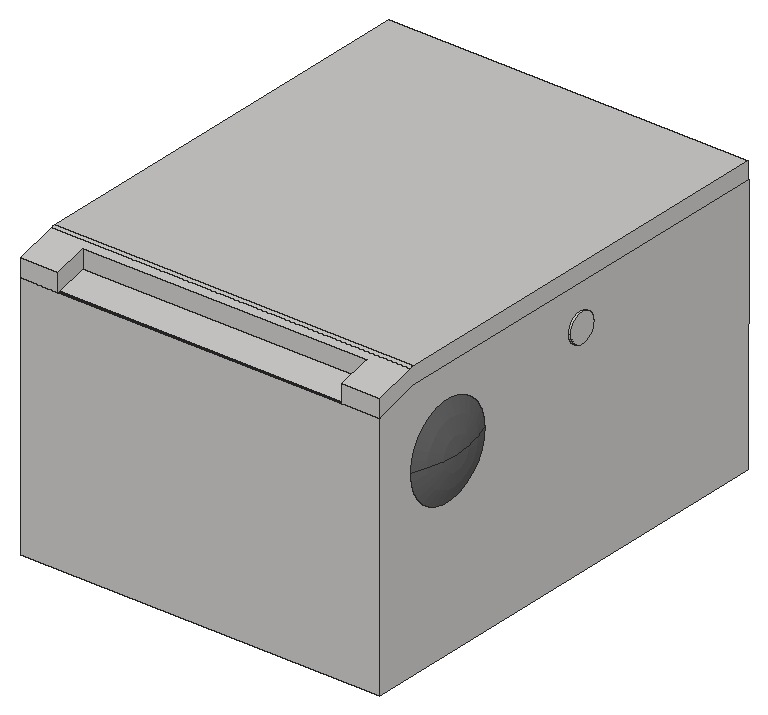
Revit family
Parameters (values of type "B-2860")
  offset [instance] = 0' - 0"
  Warranty Duration (Years) = 0
  Unit Width = 0' - 11 11/16"
  Unit Height = 1' - 3"
  Unit Depth = 0' - 9"
  URL = "http://www.bobrick.com/Pages/default.aspx"
  Specification = ""
  SpecWizard = ""
  Send Message = "http://www.arcat.com/users.pl?action=UserEmail&company=Bobrick+Washroom+Equipment,+Inc.&coid=30988&rep=156&fax=818-503-1930&mf="
  Sales Information = "http://www.bobrick.com/Pages/ContactUs.aspx"
  Revision = "R1_10-2012"
  Product Properties = ""
  Product Data = "http://arcat.com/arcatcos/cos30/arc30988.html?isac=1&r=1"
  Mounting Height [instance] = 3' - 4 21/64"
  Model = "B-2860"
  Manufacturer Website = "http://www.bobrick.com/Pages/default.aspx"
  Manufacturer Phone - Toll Free = ""
  Manufacturer Phone = "818-764-1000"
  Manufacturer Fax = "818-503-1930"
  Manufacturer Address = "11611 Hart St. North Hollywood, CA 91605-5882"
  Manufacturer = "Bobrick Washroom Equipment, Inc."
  Maintenance Schedule (Months) = 0
  Keynote = "102813"
  Installation-Fabrication = "http://www.bobrick.com/washroomaccessories/Pages/WashroomAccessories.aspx"
  Installation Phase = ""
  Green Building-LEED = ""
  Finish Material = Stainless Steel - Bobrick - Satin
  Expected Lifespan (Years) = 0
  Drawn By = "Sumex Design, Inc. / Robert S. Weygant, CSI, CDT, SCIP"
  Description = "Bobrick B-2860 Surface Mounted Roll Paper Towel Dispenser"
  Default Elevation = 4' - 0"
  Copyright = "©Arcat Inc."
  Construction Details = ""
  Capacity = "8\" W 8\" D Paper Towel Roll"
  Assembly Code = "E1090900"
Reference planes (in)
  plane 1 "Center (Front/Back)": y = -0.00047
  plane 2 "Bottom": z = 0
  plane 3 "Center (Left/Right)": x = 0
  plane 4 "Front": y = -7.50047
  plane 5 "Back": y = 7.49953
  plane 6 "Left": x = -5.84375
  plane 7 "Right": x = 5.84375
  plane 8 "Top": z = 9
  plane 9 "FF": y = -32.82859
Forms (in)
  Extrusion 1, solid, material "Stainless Steel - Bobrick - Satin" <- "Finish Material"
    sketch origin (0, 0, 0) x (0, 1, 0) y (0, 0, 1)
      loop
        line (7.43703, 0.0625) -> (-7.43797, 0.0625) -> (-7.43797, 8.07925) -> (-7.50047, 8.0625) -> (-7.50047, 0) -> (7.49953, 0) -> (7.49953, 8.4375) -> (7.43703, 8.4375) -> (7.43703, 0.0625)
    from -5.84375 to 5.84375
  Extrusion 2, solid, material "Stainless Steel - Bobrick - Satin" <- "Finish Material"
    sketch origin (0, 0, 0) x (0, 1, 0) y (0, 0, -1)
      loop
        line (7.43703, -8.4375) -> (7.43703, -0.0625) -> (-7.43797, -0.0625) -> (-7.43797, -8.07925) -> (-6.10095, -8.4375) -> (7.43703, -8.4375)
    from -5.84375 to 5.84375
  Extrusion 3, solid, material "Stainless Steel - Bobrick - Satin" <- "Finish Material"
    sketch origin (0, 0, 0) x (0, 1, 0) y (0, 0, 1)
      loop
        arc (-6.10918, 9) -> (-6.17444, 8.99572) -> (-6.23859, 8.98296) r 0.5
        line (-6.23859, 8.98296) -> (-7.50047, 8.64484) -> (-7.50047, 8.0625) -> (-6.10095, 8.4375) -> (7.49953, 8.4375) -> (7.49953, 9) -> (-6.10918, 9)
    from -5.84375 to 5.84375
  Extrusion 4, void
    sketch origin (0, 0, 0) x (1, 0, 0) y (0, 1, 0)
      loop
        line (-4.625, -6.50047) -> (-4.625, -7.50047) -> (4.625, -7.50047) -> (4.625, -6.50047) -> (-4.625, -6.50047)
    from 8.0625 to 12
  Revolve 5, solid, material "Paint - Bobrick - Black"
    sketch origin (0, 0, 5.9375) x (1, 0, 0) y (0, 1, 0)
      loop
        arc (6.1875, -4.75047) -> (6.09706, -3.9708) -> (5.84375, -3.2279) r 3.68968
        line (5.84375, -3.2279) -> (5.84375, -4.75047) -> (6.1875, -4.75047)
      axis (5.84375, -4.75047) -> (6.1875, -4.75047)
    angle from 0 to 360
  Extrusion 6, solid, material "Stainless Steel - Bobrick - Satin" <- "Finish Material"
    sketch origin (0, 0, 0) x (0, 1, 0) y (0, 0, 1)
      loop
        circle (0.62453, 7.1875) r 0.46518
    from 5.84375 to 5.9362
Cuts and joins
  Extrusion 4 cuts Extrusion 1
  joined: Extrusion 1, Extrusion 2
  Extrusion 4 cuts Extrusion 3
Lines and regions (in)
  symbolic lines, style "SpecialityEquipmentHiddenLines"
    curve 1: line (5.84375, 7.49953, 0) -> (-5.84375, -0.00047, 0)
    curve 2: line (-5.84375, -0.00047, 0) -> (5.84375, -7.50047, 0)
Dimensions and locks (in)
  equal spacing: plane 6 "Left", plane 3 "Center (Left/Right)", plane 7 "Right"
  "Unit Width": plane 6 "Left" to plane 7 "Right"
  equal spacing: plane 5 "Back", plane 1 "Center (Front/Back)", plane 4 "Front"
  "Unit Height": plane 5 "Back" to plane 4 "Front"
  "Unit Depth": plane 8 "Top" to level
  "Mounting Height": plane 5 "Back" to plane 9 "FF"
  aligned and locked: plane 7 "Right" to Extrusion 3
  aligned and locked: Extrusion 3 to plane 6 "Left"
  aligned and locked: Extrusion 2 to plane 6 "Left"
  aligned and locked: plane 7 "Right" to Extrusion 2
  aligned and locked: plane 7 "Right" to Extrusion 1
  aligned and locked: Extrusion 1 to plane 6 "Left"
Automatic sketch dimensions
  Extrusion 1 sketch curve to plane 4 "Front" = 0' - 0"
  Extrusion 1 sketch curve to plane 5 "Back" = 0' - 0"
  Extrusion 1 sketch curve to level = 0' - 0"
  plane 4 "Front" to Extrusion 1 sketch curve = 0' - 0 1/16"
  Extrusion 1 sketch curve to plane 5 "Back" = 0' - 0 1/16"
  level to Extrusion 1 sketch curve = 0' - 0 1/16"
  Extrusion 1 sketch curve to plane 8 "Top" = 0' - 0 15/16"
  Extrusion 1 sketch curve to Extrusion 1 sketch curve = 0' - 0.01675"
  Extrusion 1 sketch curve to plane 8 "Top" = 0' - 0 9/16"
  plane 4 "Front" to Extrusion 2 sketch curve = 0' - 0 1/16"
  Extrusion 2 sketch curve to plane 8 "Top" = 0' - 0 9/16"
  Extrusion 2 sketch curve to Extrusion 2 sketch curve = 0' - 1.33702"
  Extrusion 2 sketch curve to plane 5 "Back" = 0' - 0 1/16"
  Extrusion 2 sketch curve to plane 8 "Top" = 0' - 0.92075"
  level to Extrusion 2 sketch curve = 0' - 0 1/16"
  Revolve 5 sketch curve to plane 7 "Right" = 0' - 0"
  plane 3 "Center (Left/Right)" to Revolve 5 sketch curve = 0' - 2.49796"
  Revolve 5 sketch curve to Revolve 5 sketch curve = 0' - 0 11/64"  (x2)
  Revolve 5 sketch curve to Revolve 5 sketch curve = 0' - 0.18241"
  plane 4 "Front" to Revolve 5 sketch curve = 0' - 2.7171"
  plane 4 "Front" to Revolve 5 sketch curve = 0' - 2 3/4"
  Revolve 5 sketch curve to Revolve 5 sketch curve = 0' - 0"
  Extrusion 6 sketch curve to plane 1 "Center (Front/Back)" = 0' - 0 5/8"
  Extrusion 6 sketch curve to plane 8 "Top" = 0' - 1 13/16"
  Extrusion 4 sketch curve to plane 4 "Front" = 0' - 0"
  plane 6 "Left" to Extrusion 4 sketch curve = 0' - 1 7/32"
  Extrusion 4 sketch curve to plane 7 "Right" = 0' - 1 7/32"
  Extrusion 4 sketch curve to Extrusion 4 sketch curve = 0' - 1"
  Extrusion 3 sketch curve to plane 4 "Front" = 0' - 0"
  Extrusion 3 sketch curve to plane 8 "Top" = 0' - 0"
  Extrusion 3 sketch curve to plane 5 "Back" = 0' - 0"
  Extrusion 3 sketch curve to plane 8 "Top" = 0' - 0.01704"
  plane 4 "Front" to Extrusion 3 sketch curve = 0' - 1.26188"
  Extrusion 3 sketch curve to plane 8 "Top" = 0' - 0 9/16"
  Extrusion 3 sketch curve to Extrusion 3 sketch curve = 0' - 0.13764"
  Extrusion 3 sketch curve to Extrusion 3 sketch curve = 0' - 0.12941"
  Extrusion 3 sketch curve to plane 8 "Top" = 0' - 0 15/16"
  Extrusion 3 sketch curve to plane 8 "Top" = 0' - 0.35516"
  curve 1 to plane 1 "Center (Front/Back)" = 0' - 0"
  curve 2 to plane 4 "Front" = 0' - 0"
  curve 2 to plane 7 "Right" = 0' - 0"
  curve 1 to plane 5 "Back" = 0' - 0"
  curve 1 to plane 7 "Right" = 0' - 0"
  radius of Extrusion 6 sketch curve = 0' - 0.46518"
